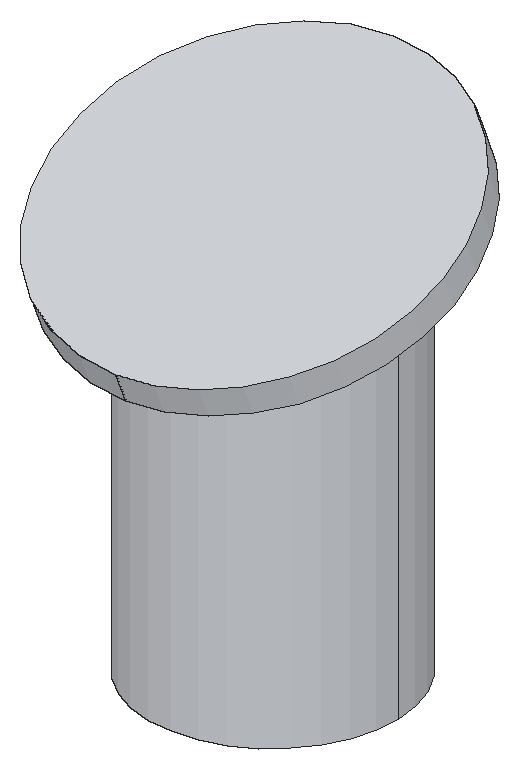
Revit family "sundial", category Generic Models, host Floor, Revit 2018
Family settings
  Host = Floor
  Can host rebar = No
  Round Connector Dimension = Use Diameter
  Part Type = Normal
  Always vertical = Yes
  Cut with Voids When Loaded = No
  Shared = No
  Room Calculation Point = No
Parameters (values of type "dial thickness")
  dial width = 3' - 0"
  dial top = 3' - 0"
  dial thickness = 0' - 3"
  dial front = 3' - 0"
  dial depth = 3' - 0"
  base width = 2' - 0"
  base thickness = 0' - 4"
  base depth = 2' - 0"
Types (5): name | dial top | base width | base depth
  (no name) | 3' - 1" | 2' - 0" | 2' - 0"
  Sundial 24" base | 3' - 1" | 2' - 0" | 2' - 0"
  Sundial 12" base | 3' - 1" | 1' - 0" | 1' - 0"
  base thickness | 3' - 1" | 2' - 0" | 2' - 0"
  dial thickness | 3' - 0" | 2' - 0" | 2' - 0"
Reference planes (in)
  plane 1 "Center (Front/Back)": y = 0
  plane 2: z = 0
  plane 3 "Center (Left/Right)": x = 0
  plane 4 "Base back": y = 12
  plane 5 "Base front": y = -12
  plane 6 "Base right": x = 12
  plane 7 "Base left": x = -12
  plane 8 "Base thickness": z = 4
  plane 9 "dial bottom": z = 33
  plane 10 "dial top": z = 36
  plane 11 "dial front": y = -18
  plane 12 "dial back": y = 18
  plane 13 "dial left": x = -18
  plane 14 "dial right": x = 18
Forms (in)
  Extrusion 1, solid
    sketch origin (0, 0, 0) x (1, 0, 0) y (0, 1, 0)
      loop
        circle (0, 0) r 12
    from 0 to 33
  Extrusion 2, solid
    sketch origin (0, -0.99528, 37.78499) x (0, -0.91706, -0.398749) y (1, 0, 0)
      loop
        circle (0, 0) r 18
    from 0 to 3
Dimensions and locks (in)
  equal spacing: host sketch curve, plane 1 "Center (Front/Back)", host sketch curve
  equal spacing: host sketch curve, plane 3 "Center (Left/Right)", host sketch curve
  host sketch curve to host sketch curve = 10' - 0"  (x2)
  equal spacing: plane 7 "Base left", plane 3 "Center (Left/Right)", plane 6 "Base right"
  "base width": plane 7 "Base left" to plane 6 "Base right"
  equal spacing: plane 4 "Base back", plane 1 "Center (Front/Back)", plane 5 "Base front"
  "base depth": plane 4 "Base back" to plane 5 "Base front"
  "base thickness": plane 8 "Base thickness" to level
  "dial thickness": plane 10 "dial top" to plane 9 "dial bottom"
  equal spacing: plane 11 "dial front", plane 1 "Center (Front/Back)", plane 12 "dial back"
  "dial depth": plane 11 "dial front" to plane 12 "dial back"
  equal spacing: plane 13 "dial left", plane 3 "Center (Left/Right)", plane 14 "dial right"
  "dial width": plane 13 "dial left" to plane 14 "dial right"
  "dial top": plane 10 "dial top" to level
  aligned and locked: level to plane 2
Automatic sketch dimensions
  plane 1 "Center (Front/Back)" to Extrusion 1 sketch curve = 0' - 0"
  Extrusion 1 sketch curve to plane 3 "Center (Left/Right)" = 0' - 0"
  Extrusion 2 sketch curve to plane 3 "Center (Left/Right)" = 0' - 0"
  radius of Extrusion 1 sketch curve = 1' - 0"
  radius of Extrusion 2 sketch curve = 1' - 6"
